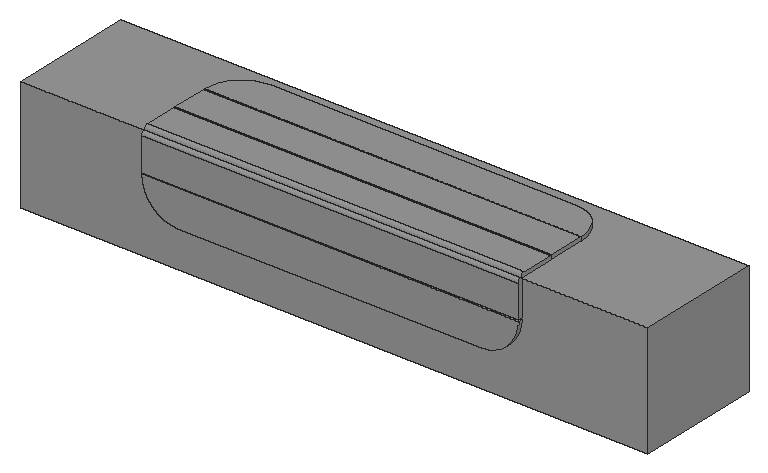
Revit family "Скамейка бетонная «Сколково-1» без спинки Арт 12146", category Антураж, Revit 2018
Family settings
  На основе рабочей плоскости = Нет
  Всегда вертикально = Да
  При загрузке вырезать с полостями = Нет
  Источник визуального образа = Геометрия семейства
  Общий = Нет
  Точка расчета площади = Нет
Parameters (values of type "Скамейка бетонная «Сколково-1» без спинки")
  Ширина = 500 mm  # constant formula
  Цвет настила = Дерево
  Цвет блока = Бетон
  Описание = "Скамейка бетонная «Сколково-1» без спинки"  # constant formula
  Материал изделия = "Бетон, дерево"  # constant formula
  Изображение типоразмера = Скамейка бетонная «Сколково-1» без спинки Арт 12146.jpg
  Изготовитель = "ООО «Хоббика»"  # constant formula
  Длина настила = 1500 mm  # constant formula
  Длина = 2500 mm  # constant formula
  Группа модели = "Скамейки"  # constant formula
  Высота = 450 mm  # constant formula
  Артикул товара = "Арт. 12146"  # constant formula
  URL = "https://hobbyka.ru/product/skamya_betonnaya_skolkovo1/"
Reference planes
  plane 1 "По центру (Вперед/Назад)": y = 0
  plane 2: z = 0
  plane 3 "По центру (Влево/Вправо)": x = 0
  plane 4: y = 500
  plane 5: x = 2500
  plane 6: z = 450
  plane 7: x = 500
  plane 8: x = 2000
Forms (mm)
  Extrusion 1, solid, material "Бетон" <- "Цвет блока"
    sketch origin (0, 0, 0) x (1, 0, 0) y (0, 1, 0)
      loop
        line (2500, 500) -> (0, 500) -> (0, 0) -> (2500, 0) -> (2500, 500)
    from 0 to 450
  Extrusion 2, solid, material "Дерево" <- "Цвет настила"
    sketch origin (0, -5, 5) x (0, 1, 0) y (0, 0, 1)
      loop
        line (0, 450) -> (145, 450) -> (145, 465) -> (15, 465)
        arc (15, 465) -> (4.393, 460.607) -> (0, 450) r 15
      loop
        line (150, 450) -> (295, 450) -> (295, 465) -> (150, 465) -> (150, 450)
      loop
        line (300, 450) -> (445, 450) -> (445, 465) -> (300, 465) -> (300, 450)
    from 500 to 2000
  Extrusion 3, solid, material "Дерево" <- "Цвет настила"
    sketch origin (0, 445, 455) x (0, 0, -1) y (0, 1, 0)
      loop
        arc (0, -450) -> (4.393, -460.607) -> (15, -465) r 15
        line (15, -465) -> (145, -465) -> (145, -450) -> (0, -450)
      loop
        line (150, -450) -> (150, -465) -> (295, -465) -> (295, -450) -> (150, -450)
    from 500 to 2000
  Extrusion 4, void
    sketch origin (0, 0, 0) x (1, 0, 0) y (0, 0, 1)
      loop
        line (500, 305) -> (500, 160) -> (645, 160)
        arc (645, 160) -> (542.47, 202.47) -> (500, 305) r 145
      loop
        arc (2000, 305) -> (1957.53, 202.47) -> (1855, 160) r 145
        line (1855, 160) -> (2000, 160) -> (2000, 305)
    from 0 to 20
  Extrusion 5, void
    sketch origin (0, 0, 0) x (1, 0, 0) y (0, 1, 0)
      loop
        arc (500, 295) -> (542.47, 397.53) -> (645, 440) r 145
        line (645, 440) -> (500, 440) -> (500, 295)
      loop
        line (2000, 295) -> (2000, 440) -> (1855, 440)
        arc (1855, 440) -> (1957.53, 397.53) -> (2000, 295) r 145
    from 450 to 470
Cuts and joins
  Extrusion 4, Extrusion 5 cuts Extrusion 1
  Extrusion 4 cuts Extrusion 3
  Extrusion 5 cuts Extrusion 2
Dimensions and locks
  "Длина": plane 3 "По центру (Влево/Вправо)" to plane 5
  "Ширина": plane 4 to plane 1 "По центру (Вперед/Назад)"
  "Высота": plane 6 to plane 2
  plane 3 "По центру (Влево/Вправо)" to plane 7 to plane 8 to plane 5 = 500 mm, 1500 mm, 500 mm
  aligned and locked: level to plane 2
Automatic sketch dimensions
  Extrusion 1 sketch curve to plane 3 "По центру (Влево/Вправо)" = 0 mm
  plane 1 "По центру (Вперед/Назад)" to Extrusion 1 sketch curve = 0 mm
  Extrusion 1 sketch curve to plane 5 = 0 mm
  plane 4 to Extrusion 1 sketch curve = 0 mm
  plane 1 "По центру (Вперед/Назад)" to Extrusion 2 sketch curve = 5 mm
  plane 6 to Extrusion 2 sketch curve = 5 mm  (x3)
  Extrusion 2 sketch curve to plane 1 "По центру (Вперед/Назад)" = 10 mm
  Extrusion 2 sketch curve to Extrusion 2 sketch curve = 130 mm
  Extrusion 2 sketch curve to Extrusion 2 sketch curve = 5 mm  (x2)
  Extrusion 2 sketch curve to Extrusion 2 sketch curve = 145 mm
  plane 6 to Extrusion 2 sketch curve = 20 mm
  Extrusion 2 sketch curve to plane 4 = 60 mm
  Extrusion 2 sketch curve to Extrusion 2 sketch curve = 0 mm
  plane 6 to Extrusion 3 sketch curve = 5 mm
  Extrusion 3 sketch curve to Extrusion 3 sketch curve = 15 mm  (x2)
  Extrusion 3 sketch curve to plane 6 = 140 mm
  Extrusion 3 sketch curve to Extrusion 3 sketch curve = 5 mm
  Extrusion 3 sketch curve to plane 6 = 290 mm
  plane 1 "По центру (Вперед/Назад)" to Extrusion 3 sketch curve = 20 mm
  Extrusion 3 sketch curve to Extrusion 3 sketch curve = 0 mm
  Extrusion 4 sketch curve to plane 7 = 0 mm
  Extrusion 4 sketch curve to plane 8 = 0 mm
  Extrusion 4 sketch curve to Extrusion 4 sketch curve = 145 mm
  Extrusion 4 sketch curve to plane 8 = 145 mm
  level to Extrusion 4 sketch curve = 160 mm
  Extrusion 4 sketch curve to plane 6 = 145 mm
  Extrusion 4 sketch curve to Extrusion 4 sketch curve = 0 mm
  Extrusion 5 sketch curve to plane 7 = 0 mm
  Extrusion 5 sketch curve to plane 8 = 0 mm
  Extrusion 5 sketch curve to plane 4 = 60 mm  (x2)
  plane 7 to Extrusion 5 sketch curve = 145 mm
  Extrusion 5 sketch curve to plane 8 = 145 mm
